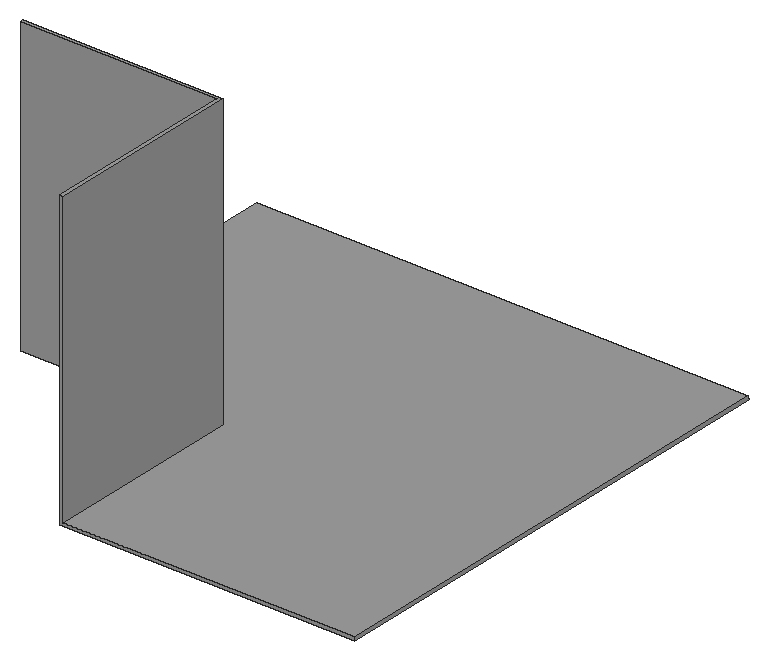
Revit family "Flashing_Preformed_Hyload_Outside90", category Generic Models, Revit 2015
Parameters (values of type "As Specified")
  Unit Width = 0' - 10"
  Unit Height = 0' - 6"
  Unit Depth = 0' - 6"
  URL = "http://www.hyload.com/"
  Thickness = 0' - 0 1/16"
  Specification = "http://www.arcat.com/sdspecs/htm04/07_65_00hyl.htm"
  Sales Information = "http://www.hyload.com/contact-us"
  Revision = "R1_12-2015"
  Product Properties = "http://www.hyload.com/masonry-flashing/preformed-shapes/"
  Product Data = "http://www.arcat.com/arcatcos/cos33/arc33176.html"
  Model = "Outside Corner (90)"
  Manufacturer Website = "http://www.hyload.com/"
  Manufacturer Phone - Toll Free = "800-457-4056"
  Manufacturer Phone = "330-769-3546"
  Manufacturer Fax = "330-769-4153"
  Manufacturer Address = "5020 Panther Pkwy., Seville, OH 44273"
  Manufacturer = "Hyload"
  Keynote = "07 65 00"
  Flashing Material = Hyload Flashing Membrane - Grey
  Drawn By = "Robert S. Weygant / Sumex Design"
  Description = "Preformed Hyload Masonry Flashing - Outside Corner (90)"
  Copyright = "(c) ARCAT, Inc, 2015"
  Construction Details = "http://www.arcat.com/details/hyload/hyload.html?coid=33176"
  Assembly Code = "B3010400"
Reference planes (in)
  plane 1 "Center (Front/Back)": y = 0
  plane 2: z = 0
  plane 3 "Center (Left/Right)": x = 0
  plane 4: y = 6
  plane 5: x = 6
  plane 6: z = 6
  plane 7: y = -4
  plane 8: x = -4
Forms (in)
  Sweep 1, solid, material "Hyload Flashing Membrane - Grey" <- "Flashing Material"
    path origin (0, 0, 0) x (1, 0, 0) y (0, 1, 0)
      loop
        line (0, -4) -> (0, 0) -> (-4, 0)
    profile origin (0, -2, 0) x (-1, 0, 0) y (0, 0, 1)
      loop
        line (0, 0) -> (0, 6) -> (-0.0625, 6) -> (-0.0625, 0.0625) -> (-6, 0.0625) -> (-6, 0) -> (0, 0)
Dimensions and locks (in)
  "Unit Depth": plane 1 "Center (Front/Back)" to plane 4
  "Unit Depth": plane 3 "Center (Left/Right)" to plane 5
  "Thickness": Sweep 1 sketch curve to plane 3 "Center (Left/Right)"
  "Thickness": Sweep 1 sketch curve to level
  "Unit Height": plane 6 to level
  "Unit Width": plane 8 to plane 5
  "Unit Width": plane 4 to plane 7
  aligned and locked: plane 2 to level
  aligned and locked: Sweep 1 sketch curve to plane 1 "Center (Front/Back)"
  aligned and locked: plane 3 "Center (Left/Right)" to Sweep 1 sketch curve
  aligned and locked: Sweep 1 sketch curve to level
  aligned and locked: plane 6 to Sweep 1 sketch curve
  aligned and locked: plane 8 to Sweep 1 sketch curve
  aligned and locked: plane 7 to Sweep 1 sketch curve
Automatic sketch dimensions
  Sweep 1 sketch curve to profile plane = 0' - 0"
  Sweep 1 sketch curve to Sweep 1 sketch curve = 0' - 5 15/16"
